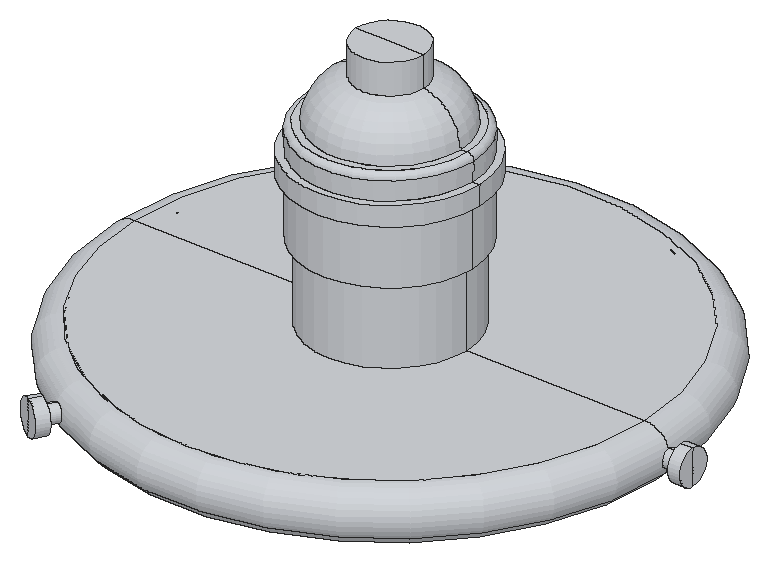
Revit family "S2R8", category Generic Models, Revit 2024
Family settings
  Can host rebar = No
  Round Connector Dimension = Use Diameter
  Part Type = Normal
  Work Plane-Based = No
  Always vertical = Yes
  Cut with Voids When Loaded = No
  Maintain Annotation Orientation = No
  Shared = No
  Room Calculation Point = No
Parameters
  Default Elevation = 0' - 0"
Reference planes (in)
  plane 1 "Center (Front/Back)": y = 0
  plane 2: z = 0
  plane 3 "Center (Left/Right)": x = 0
Forms (in)
  Revolve 1, solid
    sketch origin (0, 0, 0) x (1, 0, 0) y (0, 0, 1)
      loop
        line (0.27998, 36.45355) -> (0, 36.45355) -> (0, 36.32855) -> (0.15498, 36.32855) -> (0.15498, 36.07334)
        arc (0.15498, 36.07334) -> (0.40842, 35.99346) -> (0.42926, 35.72855) r 0.23758
        line (0.42926, 35.72855) -> (0.56362, 35.72855) -> (0.56362, 35.13032) -> (0.50987, 35.13032) -> (0.50987, 34.24997) -> (2.1213, 34.24997)
        arc (2.1213, 34.24997) -> (2.19679, 34.19953) -> (2.17908, 34.11048) r 0.08171
        line (2.17908, 34.11048) -> (2.11853, 34.04994) -> (2.11853, 33.96157) -> (2.20694, 33.96157) -> (2.26747, 34.02209)
        arc (2.26747, 34.02209) -> (2.31227, 34.24737) -> (2.1213, 34.37497) r 0.20671
        line (2.1213, 34.37497) -> (0.63487, 34.37497) -> (0.63487, 35.00532) -> (0.68862, 35.00532) -> (0.68862, 35.49128) -> (0.74903, 35.49128) -> (0.74903, 35.65128) -> (0.68847, 35.65128) -> (0.69346, 35.80355)
        arc (0.69346, 35.80355) -> (0.67882, 35.8389) -> (0.64346, 35.85355) r 0.05
        line (0.64346, 35.85355) -> (0.58498, 35.85355)
        arc (0.58498, 35.85355) -> (0.49584, 36.08376) -> (0.27998, 36.20355) r 0.36258
        line (0.27998, 36.20355) -> (0.27998, 36.45355)
      axis (0, 33.96157) -> (0, 36.45355)
    angle from 0 to 360
  Revolve 2, solid
    sketch origin (0, 0, 0) x (1, 0, 0) y (0, 0, 1)
      loop
        line (2.51968, 34.1683) -> (2.51968, 34.30935) -> (2.41968, 34.30935) -> (2.41968, 34.24044) -> (2.13296, 34.24044) -> (2.13296, 34.1683) -> (2.51968, 34.1683)
      axis (2.51968, 34.1683) -> (2.13296, 34.1683)
    angle from 0 to 360
  Revolve 3, solid
    sketch origin (-0.00007, -0.00011, 0) x (-0.5, -0.866025, 0) y (0, 0, 1)
      loop
        line (2.51968, 34.1683) -> (2.51968, 34.30935) -> (2.41968, 34.30935) -> (2.41968, 34.24044) -> (2.13296, 34.24044) -> (2.13296, 34.1683) -> (2.51968, 34.1683)
      axis (2.51968, 34.1683) -> (2.13296, 34.1683)
    angle from 0 to 360
  Revolve 4, solid
    sketch origin (-0.00007, 0.00011, 0) x (-0.5, 0.866025, 0) y (0, 0, 1)
      loop
        line (2.51968, 34.1683) -> (2.51968, 34.30935) -> (2.41968, 34.30935) -> (2.41968, 34.24044) -> (2.13296, 34.24044) -> (2.13296, 34.1683) -> (2.51968, 34.1683)
      axis (2.51968, 34.1683) -> (2.13296, 34.1683)
    angle from 0 to 360
Dimensions and locks (in)
  aligned and locked: plane 2 to level
